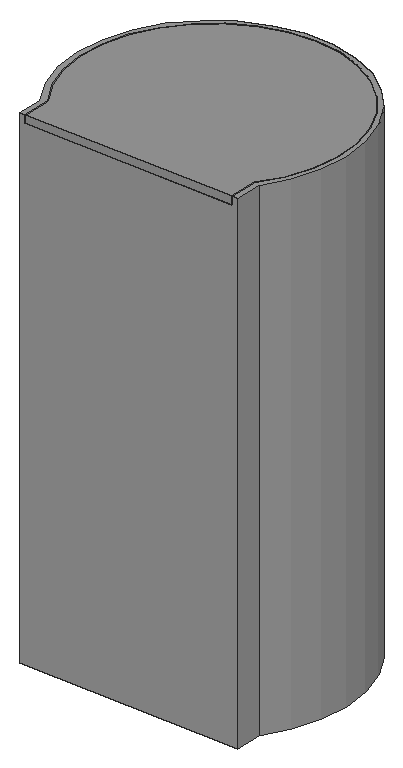
Revit family "3056 Björk Soap dispenser", category Furniture Systems, host Wall, Revit 2017
Family settings
  Host = Wall
  Round Connector Dimension = Use Diameter
  Part Type = Normal
  Always vertical = Yes
  Cut with Voids When Loaded = No
  Shared = No
  Room Calculation Point = No
Parameters (values of type "OSLO")
  URL = "http://www.dandryer.dk/da-dk/produkter/produktserie-%E2%80%93-bjork/3056-bjork-dispenser-flydende-saebe-desinfektion--mat-sort"
  Type Image = <None>
  Surface Top = OSLO
  Surface Front = Mat Sort
  Model = "Björk-3056"
  Manufacturer = "Dan Dryer"
  Description = "Touch-free Soap dispenser"
  Cost = 0
Types (6, lengths in mm): name | Surface Top
  BIRK | BIRK
  GEO WHITE | GEO WHITE
  GRIGIO LONDRA | GRIGIO LONDRA
  NEGRO INGO | NEGRO INGO
  OSLO | OSLO
  BIANCO MALE | BIANCO MALE
Reference planes
  plane 1 "Wall": y = 0
  plane 2 "Center (Left/Right)": x = 125
  plane 3 "Back": y = 75
Forms (mm)
  Extrusion 1, solid, material "Blank Hvid", not visible
    sketch origin (0, 0, 0) x (1, 0, 0) y (0, 1, 0)
      loop
        arc (42.212, 95.366) -> (42.426, 94.946) -> (42.5, 94.481) r 1.5
        line (42.5, 94.481) -> (42.5, 75.3) -> (43.7, 75.3) -> (43.7, 94.481)
        arc (43.7, 94.481) -> (43.567, 95.318) -> (43.181, 96.073) r 2.7
        arc (43.181, 96.073) -> (125, 257.1) -> (206.819, 96.073) r 101.3
        arc (206.819, 96.073) -> (206.433, 95.318) -> (206.3, 94.481) r 2.7
        line (206.3, 94.481) -> (206.3, 75.3) -> (207.5, 75.3) -> (207.5, 94.481)
        arc (207.5, 94.481) -> (207.574, 94.946) -> (207.788, 95.366) r 1.5
        arc (207.788, 95.366) -> (125, 258.3) -> (42.212, 95.366) r 102.5
    from 900 to 1230
  Extrusion 2, void, not visible
    sketch origin (207.5, 94.481, 0) x (0, 1, 0) y (0, 0, -1)
      loop
        line (-19.181, -1225) -> (-19.181, -1230) -> (6.154, -1230)
        arc (6.154, -1230) -> (3.068, -1228.36) -> (2.105, -1225) r 4.47
        line (2.105, -1225) -> (-19.181, -1225)
    from -10.952 to 170.161
  Extrusion 3, void, not visible
    sketch origin (207.5, 94.481, 2130) x (0, 1, 0) y (0, 0, -1)
      loop
        line (-19.181, 1225) -> (2.105, 1225)
        arc (2.105, 1225) -> (3.068, 1228.36) -> (6.154, 1230) r 4.47
        line (6.154, 1230) -> (-19.181, 1230) -> (-19.181, 1225)
    from -6 to 179.451
  Extrusion 4, solid, not visible
    sketch origin (207.5, 75.3, 907) x (0, 1, 0) y (-1, 0, 0)
      loop
        line (0, 163.8) -> (0, 1.2) -> (19.181, 1.2)
        arc (19.181, 1.2) -> (20.018, 1.067) -> (20.773, 0.681) r 2.7
        arc (20.773, 0.681) -> (181.8, 82.5) -> (20.773, 164.319) r 101.3
        arc (20.773, 164.319) -> (20.018, 163.933) -> (19.181, 163.8) r 2.7
        line (19.181, 163.8) -> (0, 163.8)
    from 0 to -2
  Extrusion 5, void, not visible
    sketch origin (206.3, 75.3, 0) x (-1, 0, 0) y (0, 0, 1)
      loop
        arc (83.312, 976) -> (81.303, 978.014) -> (79.288, 976) r 2.012
        line (79.288, 976) -> (79.285, 930)
        arc (79.285, 930) -> (81.297, 927.986) -> (83.312, 930) r 2.012
        line (83.312, 930) -> (83.312, 976)
    from 174.915 to 189.234
  Extrusion 6, solid, not visible
    sketch origin (206.3, 75.3, 0) x (1, 0, 0) y (0, 0, 1)
      loop
        line (-83.312, 975.984) -> (-83.312, 930)
        arc (-83.312, 930) -> (-81.291, 928.118) -> (-79.287, 930.016) r 2.015
        line (-79.287, 930.016) -> (-79.288, 976)
        arc (-79.288, 976) -> (-81.309, 977.882) -> (-83.312, 975.984) r 2.015
    from -182.98 to -174.915
  Extrusion 7, solid, material "Mat Sort", not visible
    sketch origin (0, 0, 0) x (1, 0, 0) y (0, 1, 0)
      loop
        arc (42.212, 95.366) -> (42.426, 94.946) -> (42.5, 94.481) r 1.5
        line (42.5, 94.481) -> (42.5, 75.3) -> (43.7, 75.3) -> (43.7, 94.481)
        arc (43.7, 94.481) -> (43.567, 95.318) -> (43.181, 96.073) r 2.7
        arc (43.181, 96.073) -> (125, 257.1) -> (206.819, 96.073) r 101.3
        arc (206.819, 96.073) -> (206.433, 95.318) -> (206.3, 94.481) r 2.7
        line (206.3, 94.481) -> (206.3, 75.3) -> (207.5, 75.3) -> (207.5, 94.481)
        arc (207.5, 94.481) -> (207.574, 94.946) -> (207.788, 95.366) r 1.5
        arc (207.788, 95.366) -> (125, 258.3) -> (42.212, 95.366) r 102.5
    from 900 to 1230
Text (mm)
  text "Placement Side" at (-1848.837, 1116.779, 0), in view "Ref. Level"
  text "Placement side" at (0, 1409.804, 2854.306), in view "Left"
  text "Placement side" at (0, 499.811, 2980.732), in view "Right"
Dimensions and locks
  locked: plane 3 "Back" to host wall
  aligned and locked: plane 1 "Wall" to host wall
  aligned and locked: plane 3 "Back" to nested 1  (x2)
Nested families
  nested 1: "Master Soap dispenser" at (125, 75, 1100), type "Master Soap dispenser"
Definition of nested family "Master Soap dispenser"
  Parameters (values of type "Master Soap dispenser")
    Surface Top = none
    Surface Front = none
  Reference planes
    plane 1 "Center (Front/Back)": y = 0
    plane 2: z = 0
    plane 3 "Center (Left/Right)": x = 0
  Forms (mm)
    Extrusion 1, solid, material <- "Surface Front"
      sketch origin (0, 0, 0) x (1, 0, 0) y (0, 1, 0)
        loop
          line (-72.636, 16.842) -> (-72.636, 0) -> (73.262, 0) -> (73.262, 17.709)
          arc (73.262, 17.709) -> (-0.534, 159.71) -> (-72.636, 16.842) r 89.899
      from 0 to 330
    Extrusion 2, solid, material <- "Surface Top"
      sketch origin (0, 0, 330) x (1, 0, 0) y (0, 1, 0)
        loop
          arc (69.262, 19.017) -> (0, 156.8) -> (-69.261, 19.017) r 86.3
          line (-69.261, 19.017) -> (-69.261, 0) -> (69.262, 0) -> (69.262, 19.017)
      from 0 to -5
    Extrusion 3, void
      sketch origin (0, 0, 0) x (1, 0, 0) y (0, 1, 0)
        loop
          line (-69.261, 0) -> (69.262, 0) -> (69.262, 19.017)
          arc (69.262, 19.017) -> (0, 156.8) -> (-69.261, 19.017) r 86.3
          line (-69.261, 19.017) -> (-69.261, 0)
      from 325 to 330
  Cuts and joins
    Extrusion 3 cuts Extrusion 1
  Dimensions and locks
    aligned and locked: level to plane 2
